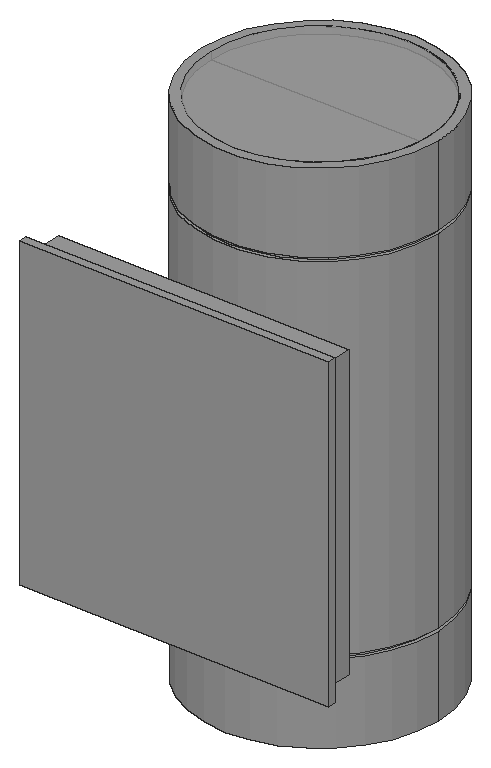
Revit family
Parameters (values of type "BART EL-235")
  Rzędna = 1200 mm
  Manufacturer = "KANLUX"  # constant formula
  Keynote = ""
  Tilt Angle = 90.00°
  Apparent Load = 70 VA
  Model = "BART EL-135"
  Wattage = 2.47265 W
  built-in parameter 1150110 = 1 (stored number, unit not read)
  Materiał obudowy = obudowa
  Materiał klosza = klosz
  built-in parameter 1010507 = 1.0472 (stored number, unit not read)
  built-in parameter 1010506 = 0.5236 (stored number, unit not read)
  Light Source Symbol Length = 3048 mm
  built-in parameter 1114217 = 1 (stored number, unit not read)
  built-in parameter 1150109 = 1 (stored number, unit not read)
  built-in parameter 1150134 = 3
  built-in parameter 1150113 = 1 (stored number, unit not read)
  Lumens = 108.178 lm
  built-in parameter 1150115 = 1 (stored number, unit not read)
  built-in parameter 1150105 = 380 (stored number, unit not read)
  built-in parameter 1150137 = (empty or 0)
  built-in parameter 1150139 = (empty or 0)
  built-in parameter 1150112 = 1 (stored number, unit not read)
  built-in parameter 1150114 = 1 (stored number, unit not read)
  built-in parameter 1150132 = 1
  built-in parameter 1150102 = (empty or 0)
  built-in parameter 1150138 = (empty or 0)
  built-in parameter 1150107 = 3200 (stored number, unit not read)
  built-in parameter 1150106 = 3.8 (stored number, unit not read)
  built-in parameter 1150104 = 4.0645 (stored number, unit not read)
  Dimming Lamp Color Temperature Shift = (empty or 0)
  Color Filter = 16777215
  built-in parameter 1114218 = 1 (stored number, unit not read)
  built-in parameter 1150133 = 10 (stored number, unit not read)
Reference planes
  plane 1: y = 20
  plane 2 "Oś źródła światła (L/P)": x = 125
  plane 3 "Oś źródła światła (P/T)": y = 145
  plane 4 "Poziom źródła światła": z = 1271.5
  plane 5: y = 95
  plane 6: z = 1200
  plane 7: y = 145
  plane 8: z = 1128.5
  plane 9: z = 1271.5
  plane 10: z = 1242.5
  plane 11: z = 1157.5
Forms (mm)
  Extrusion 1, solid, material "obudowa" <- "Materiał obudowy"
    sketch origin (-1875, 95, 4000) x (-1, 0, 0) y (0, 0, 1)
      loop
        line (-1957.5, -2842.5) -> (-1957.5, -2757.5) -> (-2042.5, -2757.5) -> (-2042.5, -2842.5) -> (-1957.5, -2842.5)
    from 0 to 2
  Extrusion 2, solid, material "obudowa" <- "Materiał obudowy"
    sketch origin (-1875, 95, 4000) x (-1, 0, 0) y (0, 0, 1)
      loop
        line (-2040, -2840) -> (-1960, -2840) -> (-1960, -2760) -> (-2040, -2760) -> (-2040, -2840)
    from 2 to 10
  Extrusion 3, solid, material "obudowa" <- "Materiał obudowy"
    sketch origin (536.83, 225, 1128.5) x (1, 0, 0) y (0, 1, 0)
      loop
        circle (-411.83, -80) r 32.5
    from 0 to 143
  Extrusion 4, solid, material "obudowa" <- "Materiał obudowy"
    sketch origin (-1875, 95, 4000) x (-1, 0, 0) y (0, 0, 1)
      loop
        circle (-2000, -2800) r 15
    from 10 to 25
  Extrusion 5, void
    sketch origin (536.83, 225, 1128.5) x (0, 1, 0) y (1, 0, 0)
      loop
        circle (-80, -411.83) r 32.5
      loop
        circle (-80, -411.83) r 31.5
    from -22 to -23
  Extrusion 6, void
    sketch origin (157.5, 225, 1271.5) x (1, 0, 0) y (0, 1, 0)
      loop
        circle (-32.5, -80) r 32.5
      loop
        circle (-32.5, -80) r 31.5
    from -22 to -23
  Extrusion 7, solid, material "klosz" <- "Materiał klosza"
    sketch origin (157.5, 225, 1271.5) x (0, 1, 0) y (1, 0, 0)
      loop
        circle (-80, -32.5) r 30
    from 0 to 2
  Revolve 8, void
    sketch origin (-907.756, 145, 4000) x (-1, 0, 0) y (0, 0, 1)
      loop
        line (-1032.756, -2730.5) -> (-1032.756, -2728.5) -> (-1062.756, -2728.5) -> (-1062.756, -2730.5) -> (-1032.756, -2730.5)
      axis (-1032.756, -2730.5) -> (-1032.756, -2728.5)
    angle from 0 to 360
  Revolve 9, void
    sketch origin (-907.756, 145, 4000) x (-1, 0, 0) y (0, 0, 1)
      loop
        line (-1062.756, -2871.5) -> (-1032.756, -2871.5) -> (-1032.756, -2869.5) -> (-1062.756, -2869.5) -> (-1062.756, -2871.5)
      axis (-1032.756, -2871.5) -> (-1032.756, -2869.5)
    angle from 0 to 360
  Revolve 10, solid, material "klosz" <- "Materiał klosza"
    sketch origin (-907.756, 145, 4000) x (-1, 0, 0) y (0, 0, 1)
      loop
        line (-1062.756, -2871.5) -> (-1032.756, -2871.5) -> (-1032.756, -2869.5) -> (-1062.756, -2869.5) -> (-1062.756, -2871.5)
      axis (-1032.756, -2871.5) -> (-1032.756, -2869.5)
    angle from 0 to 360
Cuts and joins
  Extrusion 5, Extrusion 6, Revolve 8, Revolve 9 cuts Extrusion 3
Text (mm)
  text "Strona umieszczenia" at (-1787.139, 1116.779, 0), in view "Poziom odniesienia"
  text "Strona umieszczenia" at (0, 2110.396, 2986.058), in view "Lewy"
  text "Strona umieszczenia" at (0, 628.478, 3011.967), in view "Prawy"
Dimensions and locks
  locked: plane 7 to plane 5 at 50
  locked: plane 8 to plane 6 at 71.5
  locked: plane 6 to plane 9 at 71.5
  "Rzędna": level to plane 6
  locked: plane 9 to plane 4 "Poziom źródła światła"
  locked: plane 3 "Oś źródła światła (P/T)" to plane 7 at 0
  locked: plane 6 to plane 10 at 42.5
  locked: plane 11 to plane 6 at 42.5
  aligned and locked: plane 1 to host wall
  aligned and locked: plane 2 "Oś źródła światła (L/P)" to imposter light
  aligned and locked: plane 3 "Oś źródła światła (P/T)" to imposter light
  aligned and locked: plane 4 "Poziom źródła światła" to imposter light
  aligned and locked: plane 5 to host wall
  aligned and locked: plane 7 to Extrusion 3 sketch curve
  aligned and locked: plane 7 to Extrusion 6 sketch curve  (x2)
  aligned and locked: imposter light to Extrusion 6 sketch curve  (x2)
  aligned and locked: plane 7 to Extrusion 5 sketch curve  (x2)
  aligned and locked: plane 7 to Extrusion 7 sketch curve
  aligned and locked: imposter light to Revolve 8 sketch curve
  aligned and locked: Revolve 8 sketch curve to plane 9
  aligned and locked: plane 10 to Extrusion 1 sketch curve
  aligned and locked: plane 11 to Extrusion 1 sketch curve
  aligned and locked: Revolve 8 sketch curve to plane 2 "Oś źródła światła (L/P)"
  aligned and locked: Revolve 9 sketch curve to plane 8
  aligned and locked: Revolve 9 sketch curve to plane 2 "Oś źródła światła (L/P)"  (x2)
  aligned and locked: Revolve 10 sketch curve to plane 8
  aligned and locked: Revolve 10 sketch curve to plane 2 "Oś źródła światła (L/P)"  (x2)
  aligned and locked: nested 1 to imposter light  (x2)
  aligned and locked: nested 1 to plane 8
Automatic sketch dimensions
  Extrusion 3 sketch curve to plane 2 "Oś źródła światła (L/P)" = 0 mm
  Extrusion 4 sketch curve to plane 2 "Oś źródła światła (L/P)" = 0 mm
  Extrusion 4 sketch curve to plane 6 = 0 mm
  Extrusion 5 sketch curve to Extrusion 5 sketch curve = 0 mm
  Extrusion 5 sketch curve to plane 2 "Oś źródła światła (L/P)" = 0 mm
  Extrusion 7 sketch curve to plane 2 "Oś źródła światła (L/P)" = 0 mm
  plane 2 "Oś źródła światła (L/P)" to Extrusion 1 sketch curve = 42.5 mm
  Extrusion 1 sketch curve to plane 2 "Oś źródła światła (L/P)" = 42.5 mm
  plane 2 "Oś źródła światła (L/P)" to Extrusion 2 sketch curve = 40 mm
  Extrusion 2 sketch curve to plane 2 "Oś źródła światła (L/P)" = 40 mm
  plane 11 to Extrusion 2 sketch curve = 2.5 mm
  Extrusion 2 sketch curve to plane 10 = 2.5 mm
  Revolve 8 sketch curve to Revolve 8 sketch curve = 30 mm
  Revolve 8 sketch curve to Revolve 8 sketch curve = 2 mm
  Revolve 8 sketch curve to level = 217.583 mm
  plane 4 "Poziom źródła światła" to Revolve 8 sketch curve = 1901.5 mm
  plane 8 to Revolve 9 sketch curve = 2 mm
  plane 2 "Oś źródła światła (L/P)" to Revolve 9 sketch curve = 30 mm
  Revolve 9 sketch curve to level = 217.583 mm
  plane 4 "Poziom źródła światła" to Revolve 9 sketch curve = 1901.5 mm
  plane 2 "Oś źródła światła (L/P)" to Revolve 10 sketch curve = 30 mm
  plane 8 to Revolve 10 sketch curve = 2 mm
  Revolve 10 sketch curve to level = 217.583 mm
  plane 4 "Poziom źródła światła" to Revolve 10 sketch curve = 1901.5 mm
  radius of Extrusion 3 sketch curve = 32.5 mm
  radius of Extrusion 4 sketch curve = 15 mm
  radius of Extrusion 5 sketch curve = 32.5 mm
  radius of Extrusion 5 sketch curve = 31.5 mm
  radius of Extrusion 6 sketch curve = 32.5 mm
  radius of Extrusion 6 sketch curve = 31.5 mm
  radius of Extrusion 7 sketch curve = 30 mm
Nested families
  nested 1: "źródło śwatła" at (125, 145, 1128.5), type "źródło śwatła"
Connectors
  electrical at (125, 95, 1200), driven by "Apparent Load"
    settings: on plane 6, index 1
Definition of nested family "źródło śwatła"
  Parameters
    Tilt Angle = 90.00°
    Wattage = 0.728267 W
    built-in parameter 1150110 = 1 (stored number, unit not read)
    built-in parameter 1010507 = 1.0472 (stored number, unit not read)
    built-in parameter 1010506 = 0.5236 (stored number, unit not read)
    Light Source Symbol Length = 3048 mm
    built-in parameter 1114217 = 1 (stored number, unit not read)
    built-in parameter 1150109 = 1 (stored number, unit not read)
    built-in parameter 1150134 = 3
    built-in parameter 1150113 = 1 (stored number, unit not read)
    Lumens = 108.178 lm
    built-in parameter 1150115 = 1 (stored number, unit not read)
    built-in parameter 1150105 = 380 (stored number, unit not read)
    built-in parameter 1150137 = (empty or 0)
    built-in parameter 1150139 = (empty or 0)
    built-in parameter 1150112 = 1 (stored number, unit not read)
    built-in parameter 1150114 = 1 (stored number, unit not read)
    built-in parameter 1150132 = 1
    built-in parameter 1150102 = (empty or 0)
    built-in parameter 1150138 = (empty or 0)
    built-in parameter 1150107 = 3200 (stored number, unit not read)
    built-in parameter 1150106 = 3.8 (stored number, unit not read)
    built-in parameter 1150104 = 13.8 (stored number, unit not read)
    Dimming Lamp Color Temperature Shift = (empty or 0)
    Color Filter = 16777215
    built-in parameter 1114218 = 1 (stored number, unit not read)
    built-in parameter 1150133 = 10 (stored number, unit not read)
  Reference planes
    plane 1 "Oś źródła światła (P/T)": y = 0
    plane 2: z = 0
    plane 3 "Oś źródła światła (L/P)": x = 0
    plane 4 "Poziom źródła światła": z = 0
  Lines and regions (mm)
    model lines, not visible
      curve 1: line (0, 0, 0) -> (300, 0, 0)
      curve 2: line (0, 0, 0) -> (0, 0, 200)
  Dimensions and locks
    aligned and locked: imposter light to plane 3 "Oś źródła światła (L/P)"
    aligned and locked: plane 1 "Oś źródła światła (P/T)" to imposter light
    aligned and locked: plane 4 "Poziom źródła światła" to imposter light
